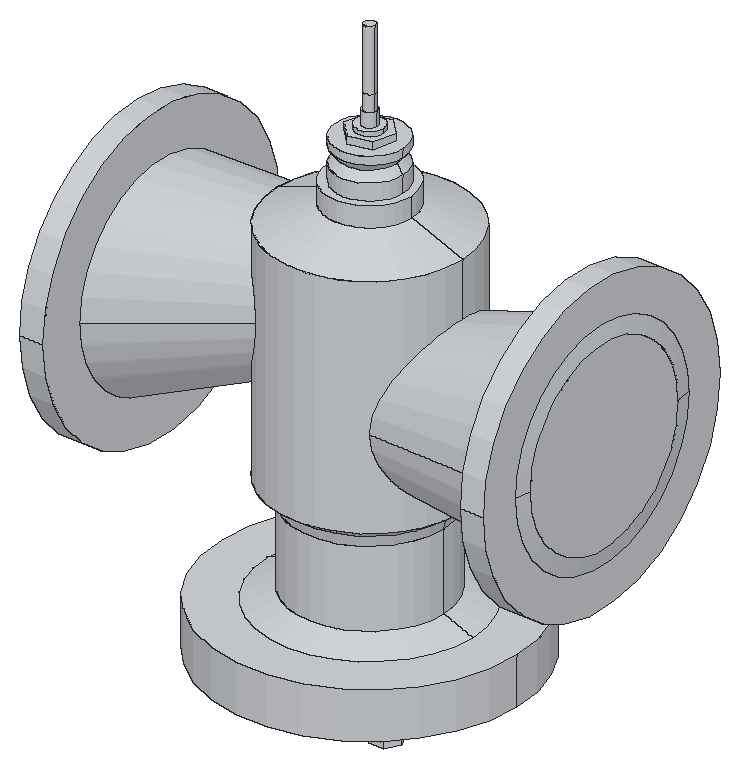
Revit family "2FGB_PN16_DN100_RFA_2019", category Pipe Accessories, Revit 2019
Family settings
  Round Connector Dimension = Use Diameter
  Part Type = Valve - Breaks Into
  Work Plane-Based = No
  Always vertical = Yes
  Cut with Voids When Loaded = No
  Shared = No
Parameters (values of type "2FGB PN16 DN100")
  magiProductId = ""
  magiProductFamilyId = ""
  magiPartTypeId = 306
  isMeasuringValve [instance] = no
  ang2D [instance] = 0.00°
  Z9 = 4.165 mm
  Z8 = 5.602 mm
  Z7 = 3 mm
  Z6 = 5.95 mm
  Z5 = 5.95 mm
  Z4 = 11.9 mm
  Z3 = 168.575 mm
  Z19 = 9.767 mm
  Z15 = 40.775 mm
  Z14__ve = -Z14  # -14.562 mm
  Z14 = 14.562 mm
  Z13 = 8.12 mm
  Z12 = 56.84 mm
  Z10 = 5.082 mm
  X4 = 34.6 mm
  X2__ve = -X2  # -17.3 mm
  X2 = 17.3 mm
  X1 = 2 mm
  W2D = 100 mm
  VersionID = ""
  Use Minimum Symbol Size [instance] = yes
  URL = "www.hydronix.cz"
  Type Comments = "Přírubový; EQM charakteristika; PN16; -10~+150°C"
  R9 = 4 mm
  R7 = 10.089 mm
  R6 = 16.816 mm
  R5 = 19.93 mm
  R4 = 24.912 mm
  R3 = 31.14 mm
  R2 = 57.375 mm
  R13 = 55.08 mm
  R12 = 5.297 mm
  R1 = 45.9 mm
  QmdConnectorList = "301;D;302;D"
  Productdata [instance] = "2FGB100 (DN100; PN16; kvs130)"
  Manufacturer = "Hydronix"
  Maintenance Zone Under Depth [instance] = 207 mm
  Maintenance Zone Right Depth [instance] = 175 mm
  Maintenance Zone Over Depth [instance] = 221 mm
  Maintenance Zone Left Depth [instance] = 175 mm
  Maintenance Zone Front Depth [instance] = 110 mm
  Maintenance Zone Back Depth [instance] = 110 mm
  Maintenance Zone Front Visibility [instance] = no
  LT2 = 175 mm
  L2D_Min = 3048 mm
  L2D = 350 mm
  HCDT2 = 76.5 mm
  H4 = 207 mm
  H3 = 116.5 mm
  H2 = 45 mm
  FDT2 = 110 mm
  Description = "2 cestný regulační ventil přírubový; DN100; PN16; kvs130; zdvih 45mm"
  D4 = 68.85 mm
  D3 = 81 mm
  D2 = 69.2 mm
  D = 100 mm
  CenSd_R6_6 = R6 * cos(30.00°)  # 14.563 mm
  CenSd_A_6 = A * cos(30.00°)  # 9.526 mm
  Clearance Zone Height Depth [instance] = 221 mm
  CZONC [instance] = 175 mm
  Clearance Zone Visibility [instance] = no
  B1 = 63.64 mm
  A = 11 mm
Types (5, lengths in mm): name | Z9 | Z8 | Z6 | Z5 | Z4 | Z3 | Z19 | Z15 | Z14__ve | Z14 | Z13 | Z12 | Z10 | X4 | X2__ve | X2 | W2D | R7 | R6 | R5 | R4 | R3 | R2 | R13 | R12 | R1 | Productdata | LT2 | L2D | HCDT2 | H4 | H3 | H2 | FDT2 | Description | D4 | D3 | D2 | D | CenSd_R6_6 | CenSd_A_6 | B1 | A
  2FGB PN16 DN100 | 4.165 | 5.602 | 5.95 | 5.95 | 11.9 | 168.575 | 9.767 | 40.775 | -14.562 | 14.562 | 8.12 | 56.84 | 5.082 | 34.6 | -17.3 | 17.3 | 100 | 10.089 | 16.816 | 19.93 | 24.912 | 31.14 | 57.375 | 55.08 | 5.297 | 45.9 | "2FGB100 (DN100; PN16; kvs130)" | 175 | 350 | 76.5 | 207 | 116.5 | 45 | 110 | "2 cestný regulační ventil přírubový; DN100; PN16; kvs130; zdvih 45mm" | 68.85 | 81 | 69.2 | 100 | 14.563 | 9.526 | 63.64 | 11
  2FGB PN16 DN080 | 4.2 | 5.7 | 6 | 6 | 12 | 151.95 | 9.9 | 36.75 | -13.125 | 13.125 | 7.32 | 51.24 | 5.1 | 30.6 | -15.3 | 15.3 | 80 | 8.923 | 14.872 | 17.626 | 22.032 | 27.54 | 49.875 | 47.88 | 4.685 | 39.9 | "2FGB80 (DN80; PN16; kvs100)" | 155 | 310 | 66.5 | 187 | 105 | 45 | 100 | "2 cestný regulační ventil přírubový; DN80; PN16; kvs100; zdvih 45mm" | 60.35 | 71 | 61.2 | 80 | 12.879 | 8.66 | 56.569 | 10
  2FGB PN16 DN065 | 4.2 | 5.7 | 6 | 6 | 12 | 139.45 | 9.9 | 33.25 | -11.875 | 11.875 | 6.82 | 47.74 | 5.1 | 28.6 | -14.3 | 14.3 | 65 | 8.34 | 13.9 | 16.474 | 20.592 | 25.74 | 44.25 | 42.48 | 4.378 | 35.4 | "2FGB65 (DN65; PN16; kvs63)" | 145 | 290 | 59 | 175 | 95 | 25 | 92.5 | "2 cestný regulační ventil přírubový; DN65; PN16; kvs63; zdvih 25mm" | 53.975 | 63.5 | 57.2 | 65 | 12.037 | 8.011 | 51.265 | 9.25
  2FGB PN16 DN150 | 4.2 | 5.7 | 6 | 6 | 12 | 227.45 | 9.9 | 54.95 | -19.625 | 19.625 | 10.97 | 76.79 | 5.1 | 47.6 | -23.8 | 23.8 | 150 | 13.88 | 23.134 | 27.418 | 34.272 | 42.84 | 77.625 | 74.52 | 7.287 | 62.1 | "2FGB150 (DN150; PN16; kvs300)" | 240 | 480 | 103.5 | 277 | 157 | 45 | 142.5 | "2 cestný regulační ventil přírubový; DN150; PN16; kvs300; zdvih 45mm" | 92.65 | 109 | 95.2 | 150 | 20.034 | 12.341 | 84.853 | 14.25
  2FGB PN16 DN125 | 4.2 | 5.7 | 6 | 6 | 12 | 196.45 | 9.9 | 48.65 | -17.375 | 17.375 | 9.22 | 64.54 | 5.1 | 39.6 | -19.8 | 19.8 | 125 | 11.547 | 19.246 | 22.81 | 28.512 | 35.64 | 68.625 | 65.88 | 6.062 | 54.9 | "2FGB125 (DN125; PN16; kvs200)" | 200 | 400 | 91.5 | 234 | 139 | 45 | 125 | "2 cestný regulační ventil přírubový; DN125; PN16; kvs200; zdvih 45mm" | 81.6 | 96 | 79.2 | 125 | 16.667 | 10.825 | 74.246 | 12.5
Reference planes
  plane 1 "Center (Front/Back)": y = 0
  plane 2 "XYPLANE": z = 0
  plane 3 "Center (Left/Right)": x = 0
  plane 4 "234": y = -63.64
  plane 5 "233": x = 63.64
  plane 6 "232": x = -63.64
  plane 7 "231": y = 63.64
  plane 8 "225": z = -197
  plane 9 "223": z = 221
  plane 10 "221": x = -175
  plane 11 "220": x = 175
  plane 12 "219": y = -110
  plane 13 "218": y = 110
  plane 14 "196": z = -207
  plane 15 "182": z = 176
  plane 16 "161": z = 164.1
  plane 17 "158": z = 158.498
  plane 18 "150": z = 154.333
  plane 19 "148": z = 151.333
  plane 20 "142": z = 146.25
  plane 21 "136": z = 140.3
  plane 22 "135": z = 134.35
  plane 23 "131": z = 128.4
  plane 24 "78": z = 87.375
  plane 25 "77": z = 101.937
  plane 26 "74": z = 116.5
  plane 27 "70": z = -81.2
  plane 28 "65": z = -89.32
  plane 29 "64": z = -97.44
  plane 30 "58": z = -154.28
  plane 31 "57": z = -162.4
  plane 32 "46": z = -207
  plane 33 "28": x = 155.7
  plane 34 "27": x = 173
  plane 35 "21": z = -20
  plane 36 "16": z = 40.775
  plane 37 "13": x = -155.7
  plane 38 "7": x = -173
  plane 39 "6": x = 175
  plane 40 "5": x = -175
  plane 41 "3": y = 0
  plane 42 "2": z = 0
  plane 43 "1": x = 0
Forms (mm)
  Extrusion 1, solid
    sketch origin (-750, 0, -207) x (1, 0, 0) y (0, 1, 0)
      loop
        line (824.64, -63.64) -> (819.14, -54.113) -> (808.14, -54.113) -> (802.64, -63.64) -> (808.14, -73.166) -> (819.14, -73.166) -> (824.64, -63.64)
    from 0 to 10
  Extrusion 2, solid
    sketch origin (-750, 0, -207) x (1, 0, 0) y (0, 1, 0)
      loop
        line (697.36, -63.64) -> (691.86, -54.113) -> (680.86, -54.113) -> (675.36, -63.64) -> (680.86, -73.166) -> (691.86, -73.166) -> (697.36, -63.64)
    from 0 to 10
  Extrusion 3, solid
    sketch origin (-750, 0, -207) x (1, 0, 0) y (0, 1, 0)
      loop
        line (824.64, 63.64) -> (819.14, 73.166) -> (808.14, 73.166) -> (802.64, 63.64) -> (808.14, 54.113) -> (819.14, 54.113) -> (824.64, 63.64)
    from 0 to 10
  Extrusion 4, solid
    sketch origin (-750, 0, -207) x (1, 0, 0) y (0, 1, 0)
      loop
        line (697.36, 63.64) -> (691.86, 73.166) -> (680.86, 73.166) -> (675.36, 63.64) -> (680.86, 54.113) -> (691.86, 54.113) -> (697.36, 63.64)
    from 0 to 10
  Blend 5, solid, visible <- "Maintenance Zone Front Visibility"
    base sketch origin (-750, 0, 221) x (1, 0, 0) y (0, 1, 0)
      loop
        line (575, 110) -> (575, -110) -> (925, -110) -> (925, 110) -> (575, 110)
    top sketch origin (-750, 0, 221) x (1, 0, 0) y (0, 1, 0)
      loop
        line (575, 110) -> (575, -110) -> (925, -110) -> (925, 110) -> (575, 110)
    from 0 to -428
  Extrusion 6, solid, visible <- "Clearance Zone Visibility"
    sketch origin (-750, 0, 0) x (1, 0, 0) y (0, 1, 0)
      loop
        circle (750, 0) r 175
    from 0 to 221 <- "Clearance Zone Height Depth"
  Extrusion 7, solid
    sketch origin (-750, 0, 154.333) x (1, 0, 0) y (0, 1, 0)
      loop
        circle (750, 0) r 5.297
    from 0 to 9.767 <- "Z19"
  Extrusion 8, solid
    sketch origin (-750, 0, 176) x (1, 0, 0) y (0, 1, 0)
      loop
        circle (750, 0) r 4
    from 0 to 45 <- "H2"
  Extrusion 9, solid
    sketch origin (-750, 0, 164.1) x (1, 0, 0) y (0, 1, 0)
      loop
        circle (750, 0) r 4
    from 0 to 11.9 <- "Z4"
  Extrusion 10, solid
    sketch origin (-750, 0, 151.333) x (1, 0, 0) y (0, 1, 0)
      loop
        circle (750, 0) r 10.089
    from 0 to 3 <- "Z7"
  Extrusion 11, solid
    sketch origin (-750, 0, 146.25) x (1, 0, 0) y (0, 1, 0)
      loop
        line (761.89, -11.89) -> (766.243, 4.352) -> (754.352, 16.243) -> (738.11, 11.89) -> (733.757, -4.352) -> (745.648, -16.243) -> (761.89, -11.89)
    from 0 to 5.082 <- "Z10"
  Extrusion 12, solid
    sketch origin (-750, 0, 140.3) x (1, 0, 0) y (0, 1, 0)
      loop
        circle (750, 0) r 24.912
    from 0 to 5.95 <- "Z6"
  Blend 13, solid
    base sketch origin (-750, 0, 134.35) x (1, 0, 0) y (0, 1, 0)
      loop
        circle (750, 0) r 19.93
    top sketch origin (-750, 0, 134.35) x (1, 0, 0) y (0, 1, 0)
      loop
        circle (750, 0) r 24.912
    from 0 to 5.95
  Blend 14, solid
    base sketch origin (-750, 0, 128.4) x (1, 0, 0) y (0, 1, 0)
      loop
        circle (750, 0) r 24.912
    top sketch origin (-750, 0, 128.4) x (1, 0, 0) y (0, 1, 0)
      loop
        circle (750, 0) r 19.93
    from 0 to 5.95
  Extrusion 15, solid
    sketch origin (-750, 0, 116.5) x (1, 0, 0) y (0, 1, 0)
      loop
        circle (750, 0) r 24.912
    from 0 to 11.9 <- "Z4"
  Extrusion 16, solid
    sketch origin (-750, 0, 116.5) x (1, 0, 0) y (0, 1, 0)
      loop
        circle (750, 0) r 31.14
    from 0 to -14.562 <- "Z14__ve"
  Blend 17, solid
    base sketch origin (-750, 0, 87.375) x (1, 0, 0) y (0, 1, 0)
      loop
        circle (750, 0) r 69.2
    top sketch origin (-750, 0, 87.375) x (1, 0, 0) y (0, 1, 0)
      loop
        circle (750, 0) r 31.14
    from 0 to 14.563
  Blend 18, solid
    base sketch origin (-750, 0, -89.32) x (1, 0, 0) y (0, 1, 0)
      loop
        circle (750, 0) r 57.375
    top sketch origin (-750, 0, -89.32) x (1, 0, 0) y (0, 1, 0)
      loop
        circle (750, 0) r 69.2
    from 0 to 8.12
  Blend 19, solid
    base sketch origin (-750, 0, -97.44) x (1, 0, 0) y (0, 1, 0)
      loop
        circle (750, 0) r 55.08
    top sketch origin (-750, 0, -97.44) x (1, 0, 0) y (0, 1, 0)
      loop
        circle (750, 0) r 57.375
    from 0 to 8.12
  Extrusion 20, solid
    sketch origin (-750, 0, -154.28) x (1, 0, 0) y (0, 1, 0)
      loop
        circle (750, 0) r 55.08
    from 0 to 56.84 <- "Z12"
  Blend 21, solid
    base sketch origin (-750, 0, -162.4) x (1, 0, 0) y (0, 1, 0)
      loop
        circle (750, 0) r 76.5
    top sketch origin (-750, 0, -162.4) x (1, 0, 0) y (0, 1, 0)
      loop
        circle (750, 0) r 55.08
    from 0 to 8.12
  Extrusion 22, solid
    sketch origin (-750, 0, -197) x (1, 0, 0) y (0, 1, 0)
      loop
        circle (750, 0) r 110
    from 0 to 34.6 <- "X4"
  Blend 23, solid
    base sketch origin (173, -750, 0) x (0, 1, 0) y (0, 0, 1)
      loop
        circle (750, 0) r 81
    top sketch origin (173, -750, 0) x (0, 1, 0) y (0, 0, 1)
      loop
        circle (750, 0) r 68.85
    from 0 to 2
  Blend 24, solid
    base sketch origin (-175, -750, 0) x (0, 1, 0) y (0, 0, 1)
      loop
        circle (750, 0) r 68.85
    top sketch origin (-175, -750, 0) x (0, 1, 0) y (0, 0, 1)
      loop
        circle (750, 0) r 81
    from 0 to 2
  Extrusion 25, solid
    sketch origin (173, -750, 0) x (0, 1, 0) y (0, 0, 1)
      loop
        circle (750, 0) r 110
    from 0 to -17.3 <- "X2__ve"
  Blend 26, solid
    base sketch origin (0, -750, 0) x (0, 1, 0) y (0, 0, 1)
      loop
        circle (750, -20) r 45.9
    top sketch origin (0, -750, 0) x (0, 1, 0) y (0, 0, 1)
      loop
        circle (750, 0) r 76.5
    from 0 to 155.7
  Extrusion 27, solid
    sketch origin (-750, 0, -81.2) x (1, 0, 0) y (0, 1, 0)
      loop
        circle (750, 0) r 69.2
    from 0 to 168.575 <- "Z3"
  Blend 28, solid
    base sketch origin (-155.7, -750, 0) x (0, 1, 0) y (0, 0, 1)
      loop
        circle (750, 0) r 76.5
    top sketch origin (-155.7, -750, 0) x (0, 1, 0) y (0, 0, 1)
      loop
        circle (750, 40.775) r 45.9
    from 0 to 155.7
  Extrusion 29, solid
    sketch origin (-173, -750, 0) x (0, 1, 0) y (0, 0, 1)
      loop
        circle (750, 0) r 110
    from 0 to 17.3 <- "X2"
  Extrusion 30, solid, not visible
    sketch origin (175, -750, 0) x (0, 1, 0) y (0, 0, 1)
      loop
        circle (750, 0) r 10
    from 0 to -10
  Extrusion 31, solid, not visible
    sketch origin (-175, -750, 0) x (0, 1, 0) y (0, 0, 1)
      loop
        circle (750, 0) r 10
    from 0 to 10
Lines and regions (mm)
  reference lines, not visible
    curve 1: circle (2, 2, 0) r 1 normal (0, 0, 1)
  reference lines
    curve 2: line (63.64, -63.64, -207) -> (60.89, -58.876, -207)
    curve 3: line (63.64, -63.64, -207) -> (58.14, -63.64, -207)
    curve 4: line (63.64, -63.64, -207) -> (60.89, -68.403, -207)
    curve 5: line (-63.64, -63.64, -207) -> (-66.39, -58.876, -207)
    curve 6: line (-63.64, -63.64, -207) -> (-69.14, -63.64, -207)
    curve 7: line (-63.64, -63.64, -207) -> (-66.39, -68.403, -207)
    curve 8: line (63.64, 63.64, -207) -> (60.89, 68.403, -207)
    curve 9: line (63.64, 63.64, -207) -> (58.14, 63.64, -207)
    curve 10: line (63.64, 63.64, -207) -> (60.89, 58.876, -207)
    curve 11: line (-63.64, 63.64, -207) -> (-66.39, 68.403, -207)
    curve 12: line (-63.64, 63.64, -207) -> (-69.14, 63.64, -207)
    curve 13: line (-63.64, 63.64, -207) -> (-66.39, 58.876, -207)
    curve 14: line (0, 0, 146.25) -> (2.176, 8.121, 146.25)
    curve 15: line (0, 0, 146.25) -> (-5.945, 5.945, 146.25)
    curve 16: line (0, 0, 146.25) -> (-8.121, -2.176, 146.25)
Dimensions and locks
  plane 1 "Center (Front/Back)" to curve 1 = 2 mm
  "B1": plane 1 "Center (Front/Back)" to plane 4 "234"
  "B1": plane 3 "Center (Left/Right)" to plane 5 "233"
  "B1": plane 3 "Center (Left/Right)" to plane 6 "232"
  "B1": plane 1 "Center (Front/Back)" to plane 7 "231"
  locked: plane 32 "46" to plane 8 "225" at 10
  "Maintenance Zone Over Depth": plane 2 "XYPLANE" to plane 9 "223"
  "Maintenance Zone Left Depth": plane 3 "Center (Left/Right)" to plane 10 "221"
  "Maintenance Zone Right Depth": plane 3 "Center (Left/Right)" to plane 11 "220"
  "Maintenance Zone Front Depth": plane 1 "Center (Front/Back)" to plane 12 "219"
  "Maintenance Zone Back Depth": plane 1 "Center (Front/Back)" to plane 13 "218"
  "Maintenance Zone Under Depth": plane 2 "XYPLANE" to plane 14 "196"
  "Z4": plane 16 "161" to plane 15 "182"
  "Z8": plane 17 "158" to plane 16 "161"
  "Z9": plane 18 "150" to plane 17 "158"
  "Z7": plane 19 "148" to plane 18 "150"
  "Z10": plane 20 "142" to plane 19 "148"
  "Z6": plane 21 "136" to plane 20 "142"
  "Z5": plane 22 "135" to plane 21 "136"
  "Z5": plane 23 "131" to plane 22 "135"
  "Z4": plane 26 "74" to plane 23 "131"
  "Z14": plane 25 "77" to plane 24 "78"
  "Z14": plane 26 "74" to plane 25 "77"
  "H3": plane 2 "XYPLANE" to plane 26 "74"
  "Z13": plane 28 "65" to plane 27 "70"
  "Z13": plane 29 "64" to plane 28 "65"
  "Z12": plane 30 "58" to plane 29 "64"
  "Z13": plane 31 "57" to plane 30 "58"
  "X4": plane 8 "225" to plane 31 "57"
  "H4": plane 2 "XYPLANE" to plane 32 "46"
  "X2": plane 34 "27" to plane 33 "28"
  "X1": plane 39 "6" to plane 34 "27"
  locked: plane 42 "2" to plane 35 "21" at 20
  "Z15": plane 42 "2" to plane 36 "16"
  "X2": plane 38 "7" to plane 37 "13"
  "X1": plane 40 "5" to plane 38 "7"
  "LT2": plane 3 "Center (Left/Right)" to plane 39 "6"
  "LT2": plane 3 "Center (Left/Right)" to plane 40 "5"
  locked: plane 1 "Center (Front/Back)" to plane 41 "3"
  locked: plane 2 "XYPLANE" to plane 42 "2"
  locked: plane 3 "Center (Left/Right)" to plane 43 "1"
  "CenSd_A_6": curve 2 to Extrusion 1 sketch curve  (x2)
  "CenSd_A_6": curve 3 to Extrusion 1 sketch curve  (x2)
  "CenSd_A_6": curve 4 to Extrusion 1 sketch curve  (x2)
  "CenSd_A_6": curve 5 to Extrusion 2 sketch curve  (x2)
  "CenSd_A_6": curve 6 to Extrusion 2 sketch curve  (x2)
  "CenSd_A_6": curve 7 to Extrusion 2 sketch curve  (x2)
  "CenSd_A_6": curve 8 to Extrusion 3 sketch curve  (x2)
  "CenSd_A_6": curve 9 to Extrusion 3 sketch curve  (x2)
  "CenSd_A_6": curve 10 to Extrusion 3 sketch curve  (x2)
  "CenSd_A_6": curve 11 to Extrusion 4 sketch curve  (x2)
  "CenSd_A_6": curve 12 to Extrusion 4 sketch curve  (x2)
  "CenSd_A_6": curve 13 to Extrusion 4 sketch curve  (x2)
  "CenSd_R6_6": curve 14 to Extrusion 11 sketch curve  (x2)
  "CenSd_R6_6": curve 15 to Extrusion 11 sketch curve  (x2)
  "CenSd_R6_6": curve 16 to Extrusion 11 sketch curve  (x2)
  "CZONC": radius of Extrusion 6 sketch curve
  "R12": radius of Extrusion 7 sketch curve
  "R9": radius of Extrusion 8 sketch curve
  "R9": radius of Extrusion 9 sketch curve
  "R7": radius of Extrusion 10 sketch curve
  "R4": radius of Extrusion 12 sketch curve
  "R4": radius of Blend 13 sketch curve
  "R5": radius of Blend 13 sketch curve
  "R5": radius of Blend 14 sketch curve
  "R4": radius of Blend 14 sketch curve
  "R4": radius of Extrusion 15 sketch curve
  "R3": radius of Extrusion 16 sketch curve
  "R3": radius of Blend 17 sketch curve
  "D2": radius of Blend 17 sketch curve
  "D2": radius of Blend 18 sketch curve
  "R2": radius of Blend 18 sketch curve
  "R2": radius of Blend 19 sketch curve
  "R13": radius of Blend 19 sketch curve
  "R13": radius of Extrusion 20 sketch curve
  "R13": radius of Blend 21 sketch curve
  "HCDT2": radius of Blend 21 sketch curve
  "FDT2": radius of Extrusion 22 sketch curve
  "D4": radius of Blend 23 sketch curve
  "D3": radius of Blend 23 sketch curve
  "D3": radius of Blend 24 sketch curve
  "D4": radius of Blend 24 sketch curve
  "FDT2": radius of Extrusion 25 sketch curve
  "HCDT2": radius of Blend 26 sketch curve
  "R1": radius of Blend 26 sketch curve
  "D2": radius of Extrusion 27 sketch curve
  "R1": radius of Blend 28 sketch curve
  "HCDT2": radius of Blend 28 sketch curve
  "FDT2": radius of Extrusion 29 sketch curve
  locked: curve 3 to curve 2 (angle 60.00°)
  locked: curve 4 to curve 3 (angle 60.00°)
  locked: curve 4 to curve 2 (angle 120.00°)
  locked: curve 6 to curve 5 (angle 60.00°)
  locked: curve 7 to curve 6 (angle 60.00°)
  locked: curve 7 to curve 5 (angle 120.00°)
  locked: curve 9 to curve 8 (angle 60.00°)
  locked: curve 10 to curve 9 (angle 60.00°)
  locked: curve 10 to curve 8 (angle 120.00°)
  locked: curve 12 to curve 11 (angle 60.00°)
  locked: curve 13 to curve 12 (angle 60.00°)
  locked: curve 13 to curve 11 (angle 120.00°)
  locked: curve 15 to curve 14 (angle 60.00°)
  locked: curve 16 to curve 15 (angle 60.00°)
  locked: curve 16 to curve 14 (angle 120.00°)
  aligned and locked: level to plane 2 "XYPLANE"
  aligned and locked: plane 4 "234" to curve 2
  aligned and locked: plane 5 "233" to curve 2
  aligned and locked: plane 4 "234" to curve 5
  aligned and locked: plane 6 "232" to curve 5
  aligned and locked: plane 5 "233" to curve 8
  aligned and locked: plane 7 "231" to curve 8
  aligned and locked: plane 6 "232" to curve 11
  aligned and locked: plane 7 "231" to curve 11
  aligned and locked: plane 13 "218" to Blend 5 sketch curve  (x4)
  aligned and locked: plane 12 "219" to Blend 5 sketch curve  (x4)
  aligned and locked: plane 10 "221" to Blend 5 sketch curve  (x4)
  aligned and locked: plane 11 "220" to Blend 5 sketch curve  (x4)
  aligned and locked: Blend 5 to plane 14 "196"
  aligned and locked: plane 41 "3" to Extrusion 6 sketch curve
  aligned and locked: plane 43 "1" to Extrusion 6 sketch curve
  aligned and locked: plane 41 "3" to Extrusion 7 sketch curve
  aligned and locked: plane 43 "1" to Extrusion 7 sketch curve
  aligned and locked: plane 41 "3" to Extrusion 8 sketch curve
  aligned and locked: plane 43 "1" to Extrusion 8 sketch curve
  aligned and locked: plane 41 "3" to Extrusion 9 sketch curve
  aligned and locked: plane 43 "1" to Extrusion 9 sketch curve
  aligned and locked: plane 41 "3" to Extrusion 10 sketch curve
  aligned and locked: plane 43 "1" to Extrusion 10 sketch curve
  aligned and locked: plane 41 "3" to curve 14
  aligned and locked: plane 43 "1" to curve 14
  aligned and locked: plane 41 "3" to Extrusion 12 sketch curve
  aligned and locked: plane 43 "1" to Extrusion 12 sketch curve
  aligned and locked: plane 41 "3" to Blend 13 sketch curve  (x2)
  aligned and locked: plane 43 "1" to Blend 13 sketch curve  (x2)
  aligned and locked: plane 21 "136" to Blend 13
  aligned and locked: plane 41 "3" to Blend 14 sketch curve  (x2)
  aligned and locked: plane 43 "1" to Blend 14 sketch curve  (x2)
  aligned and locked: plane 22 "135" to Blend 14
  aligned and locked: plane 41 "3" to Extrusion 15 sketch curve
  aligned and locked: plane 43 "1" to Extrusion 15 sketch curve
  aligned and locked: plane 41 "3" to Extrusion 16 sketch curve
  aligned and locked: plane 43 "1" to Extrusion 16 sketch curve
  aligned and locked: plane 41 "3" to Blend 17 sketch curve  (x2)
  aligned and locked: plane 43 "1" to Blend 17 sketch curve  (x2)
  aligned and locked: plane 25 "77" to Blend 17
  aligned and locked: plane 41 "3" to Blend 18 sketch curve  (x2)
  aligned and locked: plane 43 "1" to Blend 18 sketch curve  (x2)
  aligned and locked: plane 27 "70" to Blend 18
  aligned and locked: plane 41 "3" to Blend 19 sketch curve  (x2)
  aligned and locked: plane 43 "1" to Blend 19 sketch curve  (x2)
  aligned and locked: plane 28 "65" to Blend 19
  aligned and locked: plane 41 "3" to Extrusion 20 sketch curve
  aligned and locked: plane 43 "1" to Extrusion 20 sketch curve
  aligned and locked: plane 41 "3" to Blend 21 sketch curve  (x2)
  aligned and locked: plane 43 "1" to Blend 21 sketch curve  (x2)
  aligned and locked: plane 30 "58" to Blend 21
  aligned and locked: plane 41 "3" to Extrusion 22 sketch curve
  aligned and locked: plane 43 "1" to Extrusion 22 sketch curve
  aligned and locked: Blend 23 sketch curve to plane 41 "3"  (x2)
  aligned and locked: plane 42 "2" to Blend 23 sketch curve  (x2)
  aligned and locked: plane 39 "6" to Blend 23
  aligned and locked: Blend 24 sketch curve to plane 41 "3"  (x2)
  aligned and locked: plane 42 "2" to Blend 24 sketch curve  (x2)
  aligned and locked: plane 38 "7" to Blend 24
  aligned and locked: Extrusion 25 sketch curve to plane 41 "3"
  aligned and locked: plane 42 "2" to Extrusion 25 sketch curve
  aligned and locked: Blend 26 sketch curve to plane 41 "3"  (x2)
  aligned and locked: plane 42 "2" to Blend 26 sketch curve
  aligned and locked: plane 35 "21" to Blend 26 sketch curve
  aligned and locked: plane 33 "28" to Blend 26
  aligned and locked: plane 41 "3" to Extrusion 27 sketch curve
  aligned and locked: plane 43 "1" to Extrusion 27 sketch curve
  aligned and locked: plane 36 "16" to Blend 28 sketch curve
  aligned and locked: plane 41 "3" to Blend 28 sketch curve
  aligned and locked: Blend 28 sketch curve to plane 41 "3"
  aligned and locked: plane 42 "2" to Blend 28 sketch curve
  aligned and locked: plane 43 "1" to Blend 28
  aligned and locked: Extrusion 29 sketch curve to plane 41 "3"
  aligned and locked: plane 42 "2" to Extrusion 29 sketch curve
  aligned and locked: Extrusion 30 sketch curve to plane 41 "3"
  aligned and locked: plane 42 "2" to Extrusion 30 sketch curve
  aligned and locked: Extrusion 31 sketch curve to plane 41 "3"
  aligned and locked: plane 42 "2" to Extrusion 31 sketch curve
Automatic sketch dimensions
  plane 1 "Center (Front/Back)" to curve 16 = 2.176 mm
  plane 1 "Center (Front/Back)" to Extrusion 30 sketch curve = 10 mm
  plane 1 "Center (Front/Back)" to Extrusion 31 sketch curve = 10 mm
  plane 3 "Center (Left/Right)" to curve 1 = 2 mm
  radius of curve 1 = 1 mm
Connectors
  piping at (-175, 0, 0), diameter 100, driven by "D"
    settings: on Extrusion 31, index 1, connector inside diameter 609.6 mm, connector length 0 mm, flow factor 0, pipe flow 0.0 L/s, pressure drop 0.0 Pa, fitting loss kfactor 0, connector angle 0.00°, fixture units 0, engagement length 0 mm, angle of deflection 0.00°, flow configuration 0, flow direction 0, fitting loss method 0, system type 29, joint type 0, gender type 0, connector reference index 2, connector utility 0, adjustable connector no, is connector primary yes, connector description ""
  piping at (175, 0, 0), diameter 100, driven by "D"
    settings: on Extrusion 30, index 2, connector inside diameter 609.6 mm, connector length 0 mm, flow factor 0, pipe flow 0.0 L/s, pressure drop 0.0 Pa, fitting loss kfactor 0, connector angle 0.00°, fixture units 0, engagement length 0 mm, angle of deflection 0.00°, flow configuration 0, flow direction 0, fitting loss method 0, system type 29, joint type 0, gender type 0, connector reference index 1, connector utility 0, adjustable connector no, is connector primary no, connector description ""
